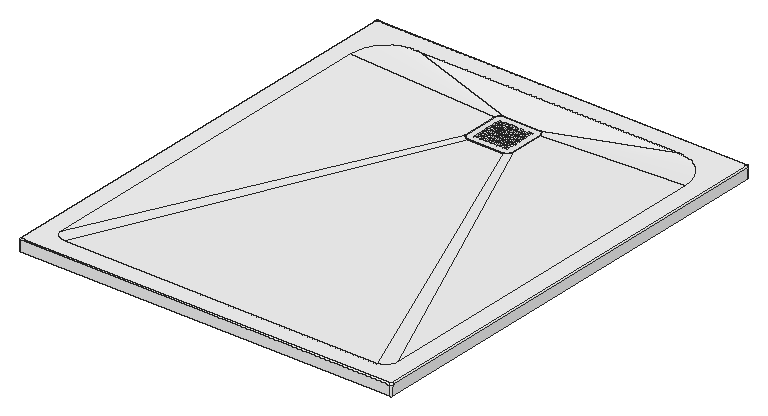
Revit family "IS_UltraFlatS_K8232_BIM_DE", category Plumbing Fixtures, host Face, Revit 2016
Family settings
  Host = Face
  Part Type = Normal
  Round Connector Dimension = Use Diameter
  OmniClass Number = 23.45.05.14.21.11
  OmniClass Title = Bath/Shower Units
  Cut with Voids When Loaded = No
  Shared = No
  Room Calculation Point = No
Parameters (values of type "K8232FR - ULTRAFLAT S PD 120X100 BIANCO")
  WarrantyStartDate = "n/a"
  WarrantyGuarantorParts = "n/a"
  WarrantyGuarantorLabor = "n/a"
  WarrantyDurationUnit = "n/a"
  WarrantyDurationParts = "n/a"
  WarrantyDurationLabor = "n/a"
  WarrantyDescription = "n/a"
  WFU = 0
  VolumeUnits = "Litres"
  Version = "1"
  Uniclass2015Version = "Products v1.1"
  Uniclass2015Title = "Shower trays"
  Uniclass2015Code = "Pr_40_20_06_84"
  URL = "www.idealstandard.de"
  Type Comments = "n/a"
  TagNumber = "n/a"
  SustainabilityPerformance = "n/a"
  Space = "Internal"
  Size = "1000 x 1200 x 30 mm"
  Shape = "Rectangular"
  SerialNumber = "n/a"
  ReplacementCost = "n/a"
  ProductInformation = "www.idealstandard.de"
  PredefinedType = "n/a"
  Phone = "+49228 5210"
  NominalWidth = 1000 mm
  NominalLength = 1200 mm
  NominalHeight = 30 mm
  NominalDepth = 0 mm
  Name = "ISI_IdealStandard_Showers_Ultra Flat S_K8232FR"
  ModelReference = "IS Rechteck-Brausewanne ULTRA FLAT S, 1200x1000x30mm, Carraraweiß"
  ModelNumber = "K8232FR"
  Model = "K8232FR"
  Material = "Sanitary Brass"
  ManufacturerURL = "www.idealstandard.de"
  Manufacturer = "idealstandard.de@idealstandard.com"
  MainMaterial = IS_RenderMaterial_White
  LinearUnits = "millimeters"
  Keynote = ""
  InstallationInstructions = "www.idealstandard.de\\produkte"
  InstallationDate = "1900-12-31T23:59:59"
  Help = "idealstandard.de@idealstandard.com"
  HWFU = 0
  GrossWeight = "43,3 kg"
  Grade = "n/a"
  Finish = "Pure White"
  Features = "ULTRA FLAT S rectangular shower tray 1200x1000mm"
  ExpectedLife = "25"
  DurationUnit = "year"
  DistributedBy = "n/a"
  Description = "Ultraflat S Pd 120 x 100 Bianco"
  Default Elevation = 0 mm
  CurrencyUnit = "€"
  CreatedOn = "42774"
  Cost = 0
  Constituents = "n/a"
  ConnectionType = "Plumbing"
  Color = "Pure White"
  CodePerformance = "0"
  CWFU = 0
  Brand = "Ideal Standard"
  BarCode = "4015413067669"
  BIMObjectName = "ISI_IdealStandard_Showers_Ultra Flat S_K8232FR"
  Author = "Ideal Standard"
  AssetType = "Fixed"
  AssetIdentifier = "n/a"
  Assembly Code = "C1030200"
  AreaUnits = "millimeters"
  AreaMeasurement = "n/a"
  Accessories = "www.idealstandard.de\\ersatzteile"
  AccessibilityPerformance = "n/a"
Types (5, lengths in mm): name | Name | ModelReference | ModelNumber | Model | MainMaterial | Finish | Description | Color | BarCode | BIMObjectName
  K8232FR - ULTRAFLAT S PD 120X100 BIANCO | "ISI_IdealStandard_Showers_Ultra Flat S_K8232FR" | "IS Rechteck-Brausewanne ULTRA FLAT S, 1200x1000x30mm, Carraraweiß" | "K8232FR" | "K8232FR" | IS_RenderMaterial_White | "Pure White" | "Ultraflat S Pd 120 x 100 Bianco" | "Pure White" | "4015413067669" | "ISI_IdealStandard_Showers_Ultra Flat S_K8232FR"
  K8232FT - ULTRAFLAT S PD 120X100 SABBIA | "ISI_IdealStandard_Showers_Ultra Flat S_K8232FT" | "IS Rechteck-Brausewanne ULTRA FLAT S, 1200x1000x30mm, Sandstein" | "K8232FT" | "K8232FT" | IS_RenderMaterial_Sand | "Beach Sand" | "Ultraflat S Pd 120 x 100 Sabbia" | "Beach Sand" | "4015413071024" | "ISI_IdealStandard_Showers_Ultra Flat S_K8232FT"
  K8232FV - ULTRAFLAT S PD 120X100 NERO | "ISI_IdealStandard_Showers_Ultra Flat S_K8232FV" | "IS Rechteck-Brausewanne ULTRA FLAT S, 1200x1000x30mm, Schiefer" | "K8232FV" | "K8232FV" | IS_RenderMaterial_Black | "Jet Black" | "Ultraflat S Pd 120 x 100 Nero" | "Jet Black" | "4015413071765" | "ISI_IdealStandard_Showers_Ultra Flat S_K8232FV"
  K8232FS - ULTRAFLAT S PD 120X100 GRIGIO CEMENTO | "ISI_IdealStandard_Showers_Ultra Flat S_K8232FS" | "IS Rechteck-Brausewanne ULTRA FLAT S, 1200x1000x30mm, Quarzgrau" | "K8232FS" | "K8232FS" | IS_RenderMaterial_Grey | "Concrete Grey" | "Ultraflat S Pd 120 x 100 Grigio Cemento" | "Concrete Grey" | "4015413070645" | "ISI_IdealStandard_Showers_Ultra Flat S_K8232FS"
  K8232FU - ULTRAFLAT S PD 120X100 MOKA | "ISI_IdealStandard_Showers_Ultra Flat S_K8232FU" | "IS Rechteck-Brausewanne ULTRA FLAT S, 1200x1000x30mm, Lavabraun" | "K8232FU" | "K8232FU" | IS_RenderMaterial_Moka | "Deep Moka" | "Ultraflat S Pd 120 x 100 Moka" | "Deep Moka" | "4015413071468" | "ISI_IdealStandard_Showers_Ultra Flat S_K8232FU"
Reference planes
  plane 1 "Center (Front/Back)": y = 0
  plane 2: z = 0
  plane 3 "Center (Left/Right)": x = 0
  plane 4: x = -500
  plane 5: x = 500
  plane 6: y = -1200
  plane 7: z = 30
Forms (mm)
  Extrusion 1, solid, material "IS_RenderMaterial_White" <- "MainMaterial"
    sketch origin (0, 0, 0) x (1, 0, 0) y (0, 1, 0)
      loop
        arc (-495, 0) -> (-498.536, -1.464) -> (-500, -5) r 5
        line (-500, -5) -> (-500, -1195)
        arc (-500, -1195) -> (-498.536, -1198.536) -> (-495, -1200) r 5
        line (-495, -1200) -> (495, -1200)
        arc (495, -1200) -> (498.536, -1198.536) -> (500, -1195) r 5
        line (500, -1195) -> (500, -5)
        arc (500, -5) -> (498.536, -1.464) -> (495, 0) r 5
        line (495, 0) -> (-495, 0)
    from 0 to 30
  Blend 2, void
    base sketch origin (0, 39.744, 30) x (-1, 0, 0) y (0, -1, 0)
      loop
        arc (350, 89.744) -> (420.711, 119.033) -> (450, 189.744) r 100
        line (450, 189.744) -> (450, 1159.744)
        arc (450, 1159.744) -> (441.213, 1180.957) -> (420, 1189.744) r 30
        line (420, 1189.744) -> (-420, 1189.744)
        arc (-420, 1189.744) -> (-441.213, 1180.957) -> (-450, 1159.744) r 30
        line (-450, 1159.744) -> (-450, 189.744)
        arc (-450, 189.744) -> (-420.711, 119.033) -> (-350, 89.744) r 100
        line (-350, 89.744) -> (350, 89.744)
    top sketch origin (0, 39.744, 30) x (-1, 0, 0) y (0, -1, 0)
      loop
        arc (47.5, 177.244) -> (58.107, 181.637) -> (62.5, 192.244) r 15
        line (62.5, 192.244) -> (62.5, 287.244)
        arc (62.5, 287.244) -> (58.107, 297.85) -> (47.5, 302.244) r 15
        line (47.5, 302.244) -> (-47.5, 302.244)
        arc (-47.5, 302.244) -> (-58.107, 297.85) -> (-62.5, 287.244) r 15
        line (-62.5, 287.244) -> (-62.5, 192.244)
        arc (-62.5, 192.244) -> (-58.107, 181.637) -> (-47.5, 177.244) r 15
        line (-47.5, 177.244) -> (47.5, 177.244)
    from 0 to -15
  Revolve 3, void
    sketch origin (-65.411, -200, 1219.2) x (-1, 0, 0) y (0, 0, 1)
      loop
        line (-65.411, -1219.2) -> (-20.411, -1219.2) -> (-20.411, -1214.2) -> (-13.411, -1207.2) -> (-65.411, -1207.2) -> (-65.411, -1219.2)
      axis (-65.411, -1219.2) -> (-65.411, -1207.2)
    angle from 0 to 360
  Extrusion 4, void
    sketch origin (0, -134.515, 12) x (-1, 0, 0) y (0, 1, 0)
      loop
        arc (-47.5, -2.985) -> (-58.107, -7.379) -> (-62.5, -17.985) r 15
        line (-62.5, -17.985) -> (-62.5, -112.985)
        arc (-62.5, -112.985) -> (-58.107, -123.592) -> (-47.5, -127.985) r 15
        line (-47.5, -127.985) -> (47.5, -127.985)
        arc (47.5, -127.985) -> (58.107, -123.592) -> (62.5, -112.985) r 15
        line (62.5, -112.985) -> (62.5, -17.985)
        arc (62.5, -17.985) -> (58.107, -7.379) -> (47.5, -2.985) r 15
        line (47.5, -2.985) -> (-47.5, -2.985)
    from 0 to -3
  Extrusion 5, solid, material "Chrome - Polished"
    sketch origin (0, -134.515, 12) x (0, 1, 0) y (-1, 0, 0)
      loop
        arc (-4.985, 46.539) -> (-9.074, 56.411) -> (-18.946, 60.5) r 13.961
        line (-18.946, 60.5) -> (-111.985, 60.5)
        arc (-111.985, 60.5) -> (-121.885, 56.399) -> (-125.985, 46.5) r 14
        line (-125.985, 46.5) -> (-125.985, -46.5)
        arc (-125.985, -46.5) -> (-121.885, -56.399) -> (-111.985, -60.5) r 14
        line (-111.985, -60.5) -> (-18.985, -60.5)
        arc (-18.985, -60.5) -> (-9.086, -56.399) -> (-4.985, -46.5) r 14
        line (-4.985, -46.5) -> (-4.985, 46.539)
      loop
        line (-64.007, 45) -> (-64.007, 32) -> (-52.007, 32) -> (-52.007, 45) -> (-64.007, 45)
      loop
        line (-49.007, 45) -> (-49.007, 32) -> (-37.007, 32) -> (-37.007, 45) -> (-49.007, 45)
      loop
        line (-34.007, 45) -> (-34.007, 32) -> (-22.007, 32) -> (-22.007, 45) -> (-34.007, 45)
      loop
        line (-34.007, 29) -> (-34.007, 16) -> (-22.007, 16) -> (-22.007, 29) -> (-34.007, 29)
      loop
        line (-34.007, 13) -> (-34.007, 1.526) -> (-22.007, 1.526) -> (-22.007, 13) -> (-34.007, 13)
      loop
        line (-37.007, 29) -> (-49.007, 29) -> (-49.007, 16) -> (-37.007, 16) -> (-37.007, 29)
      loop
        line (-37.007, 13) -> (-49.007, 13) -> (-49.007, 1.526) -> (-37.007, 1.526) -> (-37.007, 13)
      loop
        line (-52.007, 29) -> (-64.007, 29) -> (-64.007, 16) -> (-52.007, 16) -> (-52.007, 29)
      loop
        line (-52.007, 13) -> (-64.007, 13) -> (-64.007, 1.526) -> (-52.007, 1.526) -> (-52.007, 13)
      loop
        line (-64.007, -45) -> (-52.007, -45) -> (-52.007, -32) -> (-64.007, -32) -> (-64.007, -45)
      loop
        line (-49.007, -45) -> (-37.007, -45) -> (-37.007, -32) -> (-49.007, -32) -> (-49.007, -45)
      loop
        line (-34.007, -45) -> (-22.007, -45) -> (-22.007, -32) -> (-34.007, -32) -> (-34.007, -45)
      loop
        line (-34.007, -29) -> (-22.007, -29) -> (-22.007, -16) -> (-34.007, -16) -> (-34.007, -29)
      loop
        line (-34.007, -13) -> (-22.007, -13) -> (-22.007, -1.526) -> (-34.007, -1.526) -> (-34.007, -13)
      loop
        line (-37.007, -29) -> (-37.007, -16) -> (-49.007, -16) -> (-49.007, -29) -> (-37.007, -29)
      loop
        line (-37.007, -13) -> (-37.007, -1.526) -> (-49.007, -1.526) -> (-49.007, -13) -> (-37.007, -13)
      loop
        line (-52.007, -29) -> (-52.007, -16) -> (-64.007, -16) -> (-64.007, -29) -> (-52.007, -29)
      loop
        line (-52.007, -13) -> (-52.007, -1.526) -> (-64.007, -1.526) -> (-64.007, -13) -> (-52.007, -13)
      loop
        line (-66.963, 45) -> (-78.963, 45) -> (-78.963, 32) -> (-66.963, 32) -> (-66.963, 45)
      loop
        line (-81.963, 45) -> (-93.963, 45) -> (-93.963, 32) -> (-81.963, 32) -> (-81.963, 45)
      loop
        line (-96.963, 45) -> (-108.963, 45) -> (-108.963, 32) -> (-96.963, 32) -> (-96.963, 45)
      loop
        line (-96.963, 29) -> (-108.963, 29) -> (-108.963, 16) -> (-96.963, 16) -> (-96.963, 29)
      loop
        line (-96.963, 13) -> (-108.963, 13) -> (-108.963, 1.526) -> (-96.963, 1.526) -> (-96.963, 13)
      loop
        line (-93.963, 29) -> (-93.963, 16) -> (-81.963, 16) -> (-81.963, 29) -> (-93.963, 29)
      loop
        line (-93.963, 13) -> (-93.963, 1.526) -> (-81.963, 1.526) -> (-81.963, 13) -> (-93.963, 13)
      loop
        line (-78.963, 29) -> (-78.963, 16) -> (-66.963, 16) -> (-66.963, 29) -> (-78.963, 29)
      loop
        line (-78.963, 13) -> (-78.963, 1.526) -> (-66.963, 1.526) -> (-66.963, 13) -> (-78.963, 13)
      loop
        line (-66.963, -45) -> (-66.963, -32) -> (-78.963, -32) -> (-78.963, -45) -> (-66.963, -45)
      loop
        line (-81.963, -45) -> (-81.963, -32) -> (-93.963, -32) -> (-93.963, -45) -> (-81.963, -45)
      loop
        line (-96.963, -45) -> (-96.963, -32) -> (-108.963, -32) -> (-108.963, -45) -> (-96.963, -45)
      loop
        line (-96.963, -29) -> (-96.963, -16) -> (-108.963, -16) -> (-108.963, -29) -> (-96.963, -29)
      loop
        line (-96.963, -13) -> (-96.963, -1.526) -> (-108.963, -1.526) -> (-108.963, -13) -> (-96.963, -13)
      loop
        line (-93.963, -29) -> (-81.963, -29) -> (-81.963, -16) -> (-93.963, -16) -> (-93.963, -29)
      loop
        line (-93.963, -13) -> (-81.963, -13) -> (-81.963, -1.526) -> (-93.963, -1.526) -> (-93.963, -13)
      loop
        line (-78.963, -29) -> (-66.963, -29) -> (-66.963, -16) -> (-78.963, -16) -> (-78.963, -29)
      loop
        line (-78.963, -13) -> (-66.963, -13) -> (-66.963, -1.526) -> (-78.963, -1.526) -> (-78.963, -13)
    from 0 to 3
  Sweep 6, void
    path in 3D
      loop
        arc (495, -1200, 30) -> (498.536, -1198.536, 30) -> (500, -1195, 30) r 5
        line (500, -1195, 30) -> (500, -5, 30)
        arc (500, -5, 30) -> (498.536, -1.464, 30) -> (495, 0, 30) r 5
        line (495, 0, 30) -> (-495, 0, 30)
        arc (-495, 0, 30) -> (-498.536, -1.464, 30) -> (-500, -5, 30) r 5
        line (-500, -5, 30) -> (-500, -1195, 30)
        arc (-500, -1195, 30) -> (-498.536, -1198.536, 30) -> (-495, -1200, 30) r 5
        line (-495, -1200, 30) -> (495, -1200, 30)
    profile origin (0, -1200, 30) x (0, 1, 0) y (0, 0, 1)
      loop
        line (0, 0) -> (0, -3)
        arc (0, -3) -> (0.879, -0.879) -> (3, 0) r 3
        line (3, 0) -> (0, 0)
Cuts and joins
  Blend 2, Revolve 3, Extrusion 4, Sweep 6 cuts Extrusion 1
  Blend 2 cuts Extrusion 5
Lines and regions (mm)
  sketch lines
    curve 1: line (-495, -1200, 30) -> (495, -1200, 30)
    curve 2: arc (500, -1195, 30) -> (498.536, -1198.536, 30) -> (495, -1200, 30) r 5
    curve 3: line (500, -1195, 30) -> (500, -5, 30)
    curve 4: arc (-495, -1200, 30) -> (-498.536, -1198.536, 30) -> (-500, -1195, 30) r 5
    curve 5: line (-500, -5, 30) -> (-500, -1195, 30)
    curve 6: arc (-500, -5, 30) -> (-498.536, -1.464, 30) -> (-495, 0, 30) r 5
    curve 7: line (495, 0, 30) -> (-495, 0, 30)
    curve 8: arc (495, 0, 30) -> (498.536, -1.464, 30) -> (500, -5, 30) r 5
Dimensions and locks
  "NominalWidth": plane 4 to plane 5
  "NominalLength": plane 6 to plane 1 "Center (Front/Back)"
  "NominalHeight": level to plane 7
  aligned and locked: plane 2 to host face
  aligned and locked: level to host face
Automatic sketch dimensions
  host sketch curve to host sketch curve = 1772.356 mm
  host sketch curve to host sketch curve = 1921.32 mm
  Extrusion 1 sketch curve to plane 4 = 0 mm
  plane 6 to Extrusion 1 sketch curve = 0 mm
  plane 1 "Center (Front/Back)" to Extrusion 1 sketch curve = 0 mm
  Extrusion 1 sketch curve to plane 5 = 0 mm
  Extrusion 1 sketch curve to plane 4 = 5 mm
  plane 1 "Center (Front/Back)" to Extrusion 1 sketch curve = 5 mm
  Extrusion 1 sketch curve to plane 5 = 5 mm  (x2)
  Blend 2 sketch curve to plane 5 = 50 mm
  Blend 2 sketch curve to Blend 2 sketch curve = 30 mm
  Blend 2 sketch curve to Blend 2 sketch curve = 100 mm
  Blend 2 sketch curve to plane 4 = 150 mm
  Blend 2 sketch curve to plane 4 = 80 mm
  Blend 2 sketch curve to plane 4 = 50 mm
  plane 1 "Center (Front/Back)" to Blend 2 sketch curve = 50 mm
  Blend 2 sketch curve to plane 6 = 80 mm
  plane 3 "Center (Left/Right)" to Blend 2 sketch curve = 62.5 mm
  Blend 2 sketch curve to Blend 2 sketch curve = 15 mm  (x3)
  Blend 2 sketch curve to plane 3 "Center (Left/Right)" = 47.5 mm  (x2)
  plane 1 "Center (Front/Back)" to Blend 2 sketch curve = 137.5 mm
  Blend 2 sketch curve to Blend 2 sketch curve = 95 mm
  Revolve 3 sketch curve to level = 0 mm
  Revolve 3 sketch curve to plane 3 "Center (Left/Right)" = 0 mm  (x2)
  level to Revolve 3 sketch curve = 5 mm
  Revolve 3 sketch curve to plane 3 "Center (Left/Right)" = 45 mm
  Revolve 3 sketch curve to Revolve 3 sketch curve = 7 mm
  Revolve 3 sketch curve to Revolve 3 sketch curve = 12 mm
  Revolve 3 sketch curve to level = 10 mm
  plane 7 to Revolve 3 sketch curve = 7.813 mm
  plane 3 "Center (Left/Right)" to Extrusion 4 sketch curve = 62.5 mm
  Extrusion 4 sketch curve to Extrusion 4 sketch curve = 15 mm  (x3)
  Extrusion 4 sketch curve to plane 3 "Center (Left/Right)" = 47.5 mm  (x2)
  plane 1 "Center (Front/Back)" to Extrusion 4 sketch curve = 137.5 mm
  Extrusion 4 sketch curve to Extrusion 4 sketch curve = 95 mm
  plane 3 "Center (Left/Right)" to Extrusion 5 sketch curve = 46.5 mm
  plane 1 "Center (Front/Back)" to Extrusion 5 sketch curve = 260.5 mm
  Extrusion 5 sketch curve to Extrusion 5 sketch curve = 14 mm  (x3)
  Extrusion 5 sketch curve to Extrusion 5 sketch curve = 3.022 mm  (x3)
  Extrusion 5 sketch curve to Extrusion 5 sketch curve = 0 mm  (x55)
  plane 3 "Center (Left/Right)" to Extrusion 5 sketch curve = 1.526 mm  (x6)
  Extrusion 5 sketch curve to Extrusion 5 sketch curve = 12 mm  (x18)
  Extrusion 5 sketch curve to Extrusion 5 sketch curve = 3 mm  (x38)
  Extrusion 5 sketch curve to Extrusion 5 sketch curve = 2.956 mm  (x6)
  Extrusion 5 sketch curve to Extrusion 5 sketch curve = 3.061 mm
  Extrusion 5 sketch curve to Extrusion 5 sketch curve = 1.5 mm  (x3)
  Extrusion 5 sketch curve to Extrusion 5 sketch curve = 13 mm  (x9)
  Extrusion 5 sketch curve to plane 3 "Center (Left/Right)" = 1.526 mm  (x6)
  Extrusion 5 sketch curve to Extrusion 5 sketch curve = 11.474 mm  (x2)
  Sweep 6 sketch curve to profile plane = 0 mm  (x2)
  Sweep 6 sketch curve to profile plane = 3 mm
Connectors
  piping at (0, -200, 0), diameter 90
    settings: on cut or joined group of Extrusion 1, Blend 2, Revolve 3, Extrusion 4, Sweep 6, index 1, connector inside diameter 609.6 mm, connector length 0 mm, flow factor 0, pipe flow 0.0 L/s, pressure drop 0.0 Pa, fitting loss kfactor 0, connector angle 0.00°, fixture units 0, engagement length 0 mm, angle of deflection 0.00°, flow configuration 2, flow direction 2, fitting loss method 0, system type 16, joint type 0, gender type 0, connector reference index -1, connector utility 0, adjustable connector no, is connector primary yes, connector description ""
